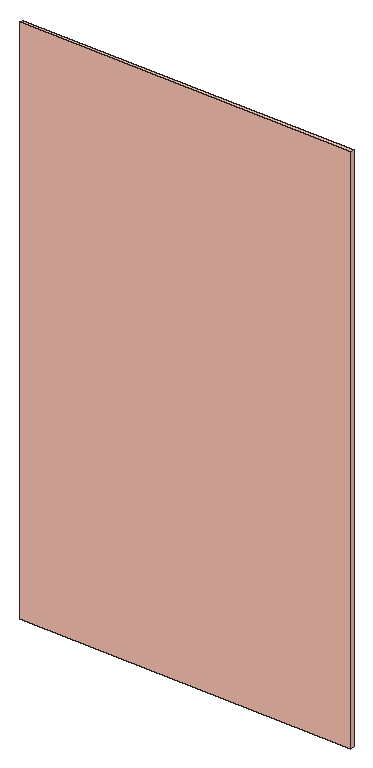
Revit family "EXP_WT-1B_CPan-009", category Curtain Panels, Revit 2021
Family settings
  OmniClass Number = 23.25.20.14.11.11.17
  OmniClass Title = Infill Panels
  Always vertical = Yes
  Cut with Voids When Loaded = No
  Shared = No
Parameters
  UI-UnitNumber [instance] = "001"
  UI-Quadrant [instance] = "SE"
  UI-ProjectAbbreviation = "NEU"
  UI-ItemCategory = "PID"
  UI-FloorNumber [instance] = "03"
  PNT-WallType = "WT1B"
  PNT-ProjectAbbreviation = "NEU"
  PNT-PanelType [instance] = "01"
  PNT-ItemCategory = "PNL"
  GlassSPH [instance] = 0' - 1 1/8"
  GlassH1 [instance] = IG-2F(Glass)
  Define Thermal Properties by = Schematic Type
  CellSp = 0' - 10 3/16"
  CellL [instance] = 8' - 0"
  CellH1 [instance] = CellH  # 12' - 11"
  CellH [instance] = 12' - 11"
  CellAngle = 90.73°
  Analytic Construction = "<None>"
Reference planes (in)
  plane 1 "Center (Front/Back)": y = 0
  plane 2: z = 0
  plane 3 "Center (Left/Right)": x = 0
  plane 4 "Left": x = -48
  plane 5 "Right": x = 48
  plane 6 "Top": z = 155
  plane 7: y = -10.1875
Forms (in)
  Extrusion 1, solid, material "IG-2F(Glass)" <- "GlassH1", detail levels coarse+medium
    sketch origin (0, 0, 0) x (1, 0, 0) y (0, 1, 0)
      loop
        line (48, 0) -> (-48, 0) -> (-48, -10.1875) -> (48, -10.1875) -> (48, 0)
    from 0 to 155
Text (in)
  text "Exterior" at (-92.59733, 55.75508, 0), in view "Ref. Level"
  text "Exterior" at (0, 90.18664, 173.49264), in view "Left"
  text "Exterior" at (0, 52.29083, 162.21847), in view "Right"
Dimensions and locks (in)
  "CellL": plane 4 "Left" to plane 5 "Right"
  equal spacing: plane 4 "Left", plane 3 "Center (Left/Right)", plane 5 "Right"
  "CellH": plane 2 to plane 6 "Top"
  "CellSp": plane 7 to plane 1 "Center (Front/Back)"
  aligned and locked: level to plane 2
  aligned and locked: Extrusion 1 sketch curve to plane 1 "Center (Front/Back)"
  aligned and locked: Extrusion 1 sketch curve to plane 7
  aligned and locked: Extrusion 1 to plane 2
  aligned and locked: plane 5 "Right" to Extrusion 1 sketch curve
  aligned and locked: plane 4 "Left" to Extrusion 1 sketch curve
  aligned and locked: Extrusion 1 to plane 6 "Top"
  aligned and locked: plane 5 "Right" to nested 1
  aligned and locked: plane 4 "Left" to Extrusion 1
  aligned and locked: plane 2 to Extrusion 1
  aligned and locked: nested 1 to plane 6 "Top"
  aligned and locked: nested 1 to plane 7
  aligned and locked: nested 2 to plane 4 "Left"
  aligned and locked: nested 2 to plane 5 "Right"
  aligned and locked: plane 7 to nested 2
  aligned and locked: nested 2 to plane 6 "Top"
  aligned and locked: plane 2 to nested 2
Nested families (in)
  nested 1: "EXP_xx_DetO-002" at (0, -10.1875, 0), CellH <- "CellH", CellL <- "CellL", type "EXP_xx_DetO-002", detail levels coarse
    with CellL 8' - 0", CellH 12' - 11"
  nested 2: "EXP_WT-1x_IG-001" at (0, -10.1875, 77.5) x (-1, 0, 0) z (0, 0, 1), GlassSP <- "GlassSPH", MaterialGlass <- "GlassH1", type "GlassSP = H"
    with MaterialGlass IG-2F(Glass), GlassSP 0' - 1 1/8", GlassL 7' - 10.12549", GlassH 12' - 8.12598", CellL 8' - 0", CellH 12' - 11"
Definition of nested family "EXP_WT-1x_IG-001"
  Parameters (values of type "H2 _ GlassSP = 1 1/4"")
    MaterialGlass [instance] = none
    GlassSP [instance] = 0' - 1 1/4"
    GlassL [instance] = CellL - (GlassD1 + GlassD3)  # 3' - 10.94439"
    GlassH [instance] = CellH - (GlassD2 + GlassD4)  # 6' - 6.64788"
    GlassD4 = 0' - 1.43701"
    GlassD3 = 0' - 0.93701"
    GlassD2 = 0' - 0 1/2"
    GlassD1 = 0' - 0 15/16"
    GMPI-ProjectAbbreviation = "NEU"
    GMPI-IteamCategory = "GLS"
    Default Elevation = 0' - 0"
    CellL [instance] = 4' - 0.8189"
    CellH [instance] = 6' - 8.58489"
  Types (12): name | GlassSP | GlassL | GlassH | GlassD4 | GlassD2 | GlassD1
    H2(x2) _ GlassSP = 2 1/8" | 0' - 2.12598" | 3' - 10.94488" | 6' - 6.64788" | 0' - 1.43701" | 0' - 0 1/2" | 0' - 0.93701"
    H1 _ GlassSP = 1 1/4" | 0' - 1 1/4" | 3' - 10.94439" | 6' - 6.89739" | 0' - 0 1/4" | 0' - 1 7/16" | 0' - 0 15/16"
    H2(x3) _ GlassSP = 2 1/8" | 0' - 2.12598" | 3' - 10.94488" | 6' - 7.83489" | 0' - 0 1/4" | 0' - 0 1/2" | 0' - 0.93701"
    H3 _ GlassSP = 1 1/4" | 0' - 1 1/4" | 3' - 10.94439" | 6' - 6.64788" | 0' - 1.43701" | 0' - 0 1/2" | 0' - 0 15/16"
    H _ GlassSP = 2 1/8" | 0' - 2.12598" | 3' - 10.94488" | 6' - 5.71088" | 0' - 1.43701" | 0' - 1.43701" | 0' - 0.93701"
    H _ GlassSP = 1 1/4" | 0' - 1 1/4" | 3' - 10.94439" | 6' - 5.71088" | 0' - 1.43701" | 0' - 1.43701" | 0' - 0 15/16"
    H2 _ GlassSP = 1 1/4" | 0' - 1 1/4" | 3' - 10.94439" | 6' - 6.64788" | 0' - 1.43701" | 0' - 0 1/2" | 0' - 0 15/16"
    GlassSP = H | 0' - 1 1/4" | 3' - 10.94439" | 6' - 5.71088" | 0' - 1.43701" | 0' - 1.43701" | 0' - 0 15/16"
    GlassSP = H3 | 0' - 1 1/4" | 3' - 10.94439" | 6' - 6.64788" | 0' - 1.43701" | 0' - 0 1/2" | 0' - 0 15/16"
    GlassSP = H2(x3) | 0' - 2.12598" | 3' - 10.94488" | 6' - 7.83489" | 0' - 0 1/4" | 0' - 0 1/2" | 0' - 0.93701"
    GlassSP = H2(x2) | 0' - 2.12598" | 3' - 10.94488" | 6' - 6.64788" | 0' - 1.43701" | 0' - 0 1/2" | 0' - 0.93701"
    GlassSP = H1 | 0' - 1 1/4" | 3' - 10.94439" | 6' - 6.89739" | 0' - 0 1/4" | 0' - 1 7/16" | 0' - 0 15/16"
  Reference planes (in)
    plane 1 "Center (Front/Back)": y = 0
    plane 2: z = 0
    plane 3 "Center (Left/Right)": x = 0
    plane 4: x = -24.40945
    plane 5: x = 24.40945
    plane 6: z = 40.29245
    plane 7: x = -23.47195
    plane 8: x = 23.47244
    plane 9: z = -40.29245
    plane 10: z = 39.79245
    plane 11: z = -38.85544
  Forms (in)
    Extrusion 1, solid, material <- "MaterialGlass"
      sketch origin (0, 0, 0) x (1, 0, 0) y (0, 0, 1)
        loop
          line (-23.47195, -38.85544) -> (23.47244, -38.85544) -> (23.47244, 39.79245) -> (-23.47195, 39.79245) -> (-23.47195, -38.85544)
      from 0 to 1.25 <- "GlassSP"
  Dimensions and locks (in)
    equal spacing: plane 6, level, plane 9
    "CellH": plane 6 to plane 9
    "GlassD2": plane 6 to plane 10
    "GlassD4": plane 11 to plane 9
    equal spacing: plane 4, plane 3 "Center (Left/Right)", plane 5
    "CellL": plane 4 to plane 5
    "GlassD1": plane 4 to plane 7
    "GlassD3": plane 5 to plane 8
    aligned and locked: level to plane 2
    aligned and locked: Extrusion 1 sketch curve to plane 11
    aligned and locked: Extrusion 1 sketch curve to plane 7
    aligned and locked: plane 10 to Extrusion 1 sketch curve
    aligned and locked: plane 8 to Extrusion 1 sketch curve
Definition of nested family "EXP_xx_DetO-002"
  Parameters (values of type "EXP_xx_DetO-002")
    Default Elevation = 0' - 0"
    CellL [instance] = 5' - 4.56693"
    CellH [instance] = 5' - 2.99213"
  Reference planes (in)
    plane 1 "Center (Front/Back)": y = 0
    plane 2: z = 0
    plane 3 "Center (Left/Right)": x = 0
    plane 4: x = -32.28346
    plane 5: x = 32.28346
    plane 6: z = 62.99213
  Lines and regions (in)
    model lines
      curve 1: line (-32.28346, 0, 62.99213) -> (32.28346, 0, 0)
      curve 2: line (32.28346, 0, 62.99213) -> (-32.28346, 0, 0)
  Dimensions and locks (in)
    "CellH": plane 6 to level
    equal spacing: plane 4, plane 3 "Center (Left/Right)", plane 5
    "CellL": plane 4 to plane 5
    aligned and locked: level to plane 2
  Automatic sketch dimensions
    curve 2 to level = 0' - 0"
    plane 4 to curve 2 = 0' - 0"
    plane 4 to curve 1 = 0' - 0"
    plane 5 to curve 2 = 0' - 0"
    curve 1 to level = 0' - 0"
    plane 5 to curve 1 = 0' - 0"
    curve 2 to plane 6 = 0' - 0"
    curve 1 to plane 6 = 0' - 0"
